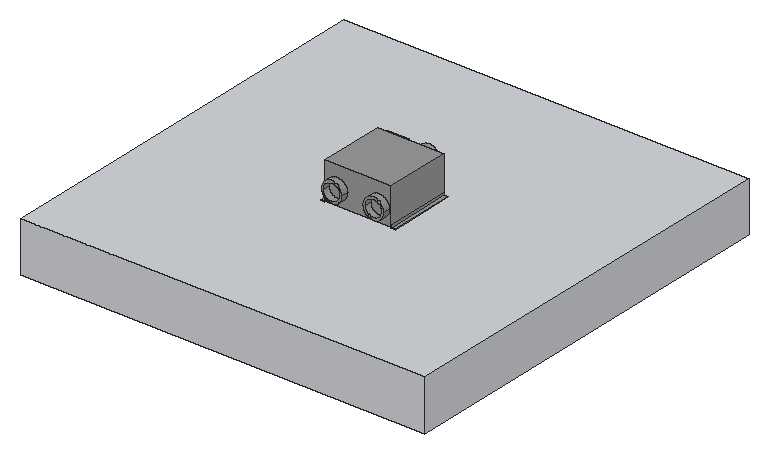
Revit family "Recuperador_Calor_BAXI_SILA_RCT-MINI", category Equipos mecánicos, Revit 2022
Family settings
  Anfitrión = Cara
  Cota de conector redondo = Diámetro de uso
  Tipo de pieza = Normal
  Número OmniClass = 23.75.70.00
  Título OmniClass = HVAC Distribution Devices
  Corte con vacíos al cargar = No
  Mantener orientación de anotación = No
  Compartido = No
  Punto de cálculo de habitación = No
Parameters (values of type "SILA RCT MINI")
  Youtube clip = ""
  Weight Net (Kg) = 0
  Voltage (V) = 230 V
  Uniclass 2.0 Description = ""
  Uniclass 2.0 Code = ""
  Uniclass 1.4 Description = ""
  Uniclass 1.4 Code = ""
  UNSPSC Code = ""
  Typology of heating recovery system HRS = "Heat recovery"
  Thermal efficiency of heating recovery [%] = "87.7"
  Technical description = ""
  Stale air outlet to outside = "Stale air outlet to outside"  # constant formula
  Stale air intake from room = "Stale air intake from room"  # constant formula
  Sound Power level LWA ( at reference flow rate)  [dB(A)] = "42"
  SPI  (specific power input)  [W/(m3/h] = "0.5"
  Reference flow rate = 72.0 m³/h
  QR code = ""
  Product group = ""
  Product family = ""
  Product certification = ""
  Product SKU = ""
  Product Guid = ""
  Power consumption of motorfans at Qmax = 79 W
  Power Factor = 0
  Position and description of visual filter warning = "N.A."
  Outlet to room flow = 0.0 m³/h
  Outlet to room connexion diameter = 125 mm
  Outlet to outside flow = 0.0 m³/h
  Outlet to outside connexion diameter = 125 mm
  OmniClass Description = ""
  OmniClass Code = ""
  Number of Poles = 1
  Nominal width = 0
  Nominal height = 0
  NBS Reference Description = ""
  NBS Reference Code = ""
  Modelo = "SILA RCT MINI"  # constant formula
  Mixing rate = "N.A."
  Maximum internal leakage rates (only for bidir.units) [%] = "5"
  Maximum external  leakage rates [%] = "5"
  Max flow rate   (Qmax) = 103.0 m³/h
  Material secondary = ""
  Material main = ""
  Manufacturer name = ""
  Manufacturer country = ""
  Fabricante = "BAXI"  # constant formula
  Main Material = Metal BAXI
  Intake from room flow = 0.0 m³/h
  Intake from room connexion diameter = 125 mm
  Intake from outside flow = 0.0 m³/h
  Intake from outside connexion diameter = 125 mm
  Installation instructions = ""
  Indoor/outdoor air tightness [m3/h] = "N.A."
  IFC Classification = ""
  Fresh air intake from outside = "Fresh air intake from outside"  # constant formula
  Frequency (Hz) = 50 Hz
  Energy specific consumption  SEC  - (warm)   [kWh/m²a] = "-14"
  Energy specific consumption  SEC  - (cold)   [kWh/m²a] = "-78"
  Energy specific consumption  SEC  - (average)   [kWh/m²a] = "-39"
  Energy classification = "A"
  Edition number = 0
  EAN code = ""
  Drive type  (VM - VSD - N/A) = "VM"
  Difference of reference pressure = 50.0 Pa
  Design country = ""
  Default Elevation = 1219.2 mm
  Declared ventilation type = "UVR-B"
  Date of publishing = ""
  Control typology = "Local."
  Control factor CTRL = "0.65"
  Connector description = "Power supply"
  Clean air outlet inside the room = "Clean air outlet inside the room"  # constant formula
  Apparent Load = 0 VA
  Annual electricity consumption (AEC) [kWh electricity/y] = "310"
  Airflow sensitivity to pressure variations at  ± 20 Pa = "N.A."
  Absorbed Power max (W) = 79 W
  Absorbed Current max (A) = 0.37 A
  AHS(warm)    Annual heating saved  [kWh primary energy/a] = "2101"
  AHS(cold)   Annual heating saved  [kWh primary energy/a] = "9088"
  AHS(average) Annual heating saved  [kWh primary energy/a] = "4646"
Reference planes
  plane 1 "Center (Front/Back)": y = 0
  plane 2: z = 0
  plane 3 "Center (Left/Right)": x = 0
Forms (mm)
  Extrusion 1, solid
    sketch origin (0, 0, 0) x (1, 0, 0) y (0, 1, 0)
      loop
        line (-1219.2, 1219.2) -> (-1219.2, -1219.2) -> (1219.2, -1219.2) -> (1219.2, 1219.2) -> (-1219.2, 1219.2)
    from 0 to -304.8
Dimensions and locks
  aligned and locked: plane 2 to Extrusion 1
  aligned and locked: level to Extrusion 1
  aligned and locked: plane 3 "Center (Left/Right)" to nested 1
  aligned and locked: level to nested 1
  aligned and locked: plane 1 "Center (Front/Back)" to nested 1
Nested families
  nested 1: "BAXI_SILA_MINI_geometry" at (0, -238, 112) x (1, 0, 0) z (0, 1, 0), type "BAXI_SILA_MINI_geometry"
Connectors
  hvac at (126, -238, 95), driven by "Stale air intake from room", driven by "Intake from room flow"
    settings: on nested 1, index 2, duct flow 0.0 m³/h, flow factor 0, pres drop 0.0 Pa, loss coef 0, conn angle 0.00°, conn width 304.8 mm, conn height 304.8 mm, conn diameter 125 mm, duct sys type 1, conn prof type 0, flow config 0, flow direction 1, loss method 0, conn ref index -1, conn util no, is conn primary yes, conn desc "Stale air intake from room"
  hvac at (126, -238, 95), driven by "Outlet to room connexion diameter", driven by "Clean air outlet inside the room", driven by "Outlet to room flow"
    settings: on nested 1, index 3, duct flow 0.0 m³/h, flow factor 0, pres drop 0.0 Pa, loss coef 0, conn angle 0.00°, conn width 304.8 mm, conn height 304.8 mm, conn diameter 125 mm, duct sys type 3, conn prof type 0, flow config 0, flow direction 2, loss method 0, conn ref index 9, conn util no, is conn primary no, conn desc "Clean air outlet inside the room"
  electrical at (-95, 223, 189), driven by "Voltage (V)", driven by "Connector description", driven by "Number of Poles", driven by "Apparent Load", driven by "Power Factor"
    settings: on nested 1, index 6, voltage 230 V, apparent load 0 VA, apparent load phase1 0 VA, apparent load phase2 0 VA, apparent load phase3 0 VA, power factor 0, load classification "Other", number of poles 1, system type 30, power factor state 1, is connector primary yes, connector utility no, sub classification motor no, connector description "Power supply"
  hvac at (-126, -238, 95), driven by "Intake from room connexion diameter", driven by "Intake from room flow", driven by "Stale air intake from room"
    settings: on nested 1, index 7, duct flow 0.0 m³/h, flow factor 0, pres drop 0.0 Pa, loss coef 0, conn angle 0.00°, conn width 304.8 mm, conn height 304.8 mm, conn diameter 125 mm, duct sys type 1, conn prof type 0, flow config 0, flow direction 1, loss method 0, conn ref index 8, conn util no, is conn primary no, conn desc "Stale air intake from room"
  hvac at (80, 238, 157), driven by "Outlet to outside connexion diameter", driven by "Outlet to outside flow", driven by "Stale air outlet to outside"
    settings: on nested 1, index 8, duct flow 0.0 m³/h, flow factor 0, pres drop 0.0 Pa, loss coef 0, conn angle 0.00°, conn width 304.8 mm, conn height 304.8 mm, conn diameter 125 mm, duct sys type 3, conn prof type 0, flow config 0, flow direction 2, loss method 0, conn ref index 7, conn util no, is conn primary no, conn desc "Stale air outlet to outside"
  hvac at (-80, 238, 73), driven by "Intake from outside connexion diameter", driven by "Fresh air intake from outside", driven by "Intake from outside flow"
    settings: on nested 1, index 9, duct flow 0.0 m³/h, flow factor 0, pres drop 0.0 Pa, loss coef 0, conn angle 0.00°, conn width 304.8 mm, conn height 304.8 mm, conn diameter 125 mm, duct sys type 1, conn prof type 0, flow config 0, flow direction 1, loss method 0, conn ref index 3, conn util no, is conn primary no, conn desc "Fresh air intake from outside"
Definition of nested family "BAXI_SILA_MINI_geometry"
  Parameters (values of type "Vort_SILA_MINI_geometry")
    Main material 1 = none
    Default Elevation = 1219.2 mm
  Reference planes
    plane 1 "Center (Front/Back)": y = 0
    plane 2: z = 0
    plane 3 "Center (Left/Right)": x = 0
    plane 4: y = -112
    plane 5: y = 112
    plane 6: z = 476
    plane 7: z = 238
  Forms (mm)
    Extrusion 1, solid, material <- "Main material 1", detail levels medium+fine
      sketch origin (0, 0, 0) x (1, 0, 0) y (0, 1, 0)
        loop
          line (-200, 105) -> (-200, -112) -> (200, -112) -> (200, 105) -> (-200, 105)
      from 436 to 40
    Extrusion 2, solid, material <- "Main material 1", detail levels medium+fine
      sketch origin (0, 0, 0) x (1, 0, 0) y (0, 1, 0)
        loop
          circle (126, 17) r 62.5
        loop
          circle (126, 17) r 50
        loop
          circle (-126, 17) r 50
        loop
          circle (-126, 17) r 62.5
      from 0 to 40
    Extrusion 3, solid, material <- "Main material 1", detail levels coarse
      sketch origin (0, 0, 0) x (1, 0, 0) y (0, 1, 0)
        loop
          line (225, 112) -> (-225, 112) -> (-225, -112) -> (225, -112) -> (225, 112)
      from 0 to 476
    Extrusion 4, solid, material <- "Main material 1", detail levels medium+fine
      sketch origin (0, 0, 0) x (1, 0, 0) y (0, 1, 0)
        loop
          line (-225, 110) -> (-202, 110) -> (-202, 98) -> (-200, 98) -> (-200, 112) -> (-225, 112) -> (-225, 110)
        loop
          line (225, 110) -> (225, 112) -> (200, 112) -> (200, 98) -> (202, 98) -> (202, 110) -> (225, 110)
      from 40 to 436
    Extrusion 5, solid, material <- "Main material 1", detail levels medium+fine
      sketch origin (0, 0, 0) x (1, 0, 0) y (0, 1, 0)
        loop
          circle (-80, 39) r 50
        loop
          circle (-80, 39) r 62.5
        loop
          circle (80, -45) r 62.5
        loop
          circle (80, -45) r 50
      from 436 to 476
    Extrusion 6, solid, material <- "Main material 1", detail levels fine
      sketch origin (0, 0, 0) x (1, 0, 0) y (0, 1, 0)
        loop
          line (-157.5, -52) -> (-157.5, -102) -> (-32.5, -102) -> (-32.5, -52) -> (-157.5, -52)
      from 436 to 461
  Cuts and joins
    joined: Extrusion 1, Extrusion 2
  Lines and regions (mm)
    Masking region 1, detail levels medium+fine
      outline origin (0, 0, 0) x (1, 0, 0) y (0, 1, 0)
        loop
          line (-200, 105) -> (-200, -112) -> (200, -112) -> (200, 105) -> (-200, 105)
    Masking region 2, detail levels medium+fine
      outline origin (0, 0, 0) x (1, 0, 0) y (0, 1, 0)
        loop
          line (-225, 110) -> (-202, 110) -> (-202, 98) -> (-200, 98) -> (-200, 112) -> (-225, 112) -> (-225, 110)
        loop
          line (202, 110) -> (225, 110) -> (225, 112) -> (200, 112) -> (200, 98) -> (202, 98) -> (202, 110)
    Masking region 3
      outline origin (0, 0, 0) x (0, 1, 0) y (0, 0, 1)
        loop
          line (112, 436) -> (-112, 436) -> (-112, 40) -> (112, 40) -> (112, 436)
    Masking region 4, detail levels medium+fine
      outline origin (0, 0, 0) x (0, 1, 0) y (0, 0, 1)
        loop
          line (101.5, 436) -> (101.5, 476) -> (5, 476) -> (5, 436) -> (101.5, 436)
        loop
          line (79.5, 0) -> (79.5, 40) -> (-45.5, 40) -> (-45.5, 0) -> (79.5, 0)
        loop
          line (-11, 436) -> (-11, 476) -> (-107.5, 476) -> (-107.5, 436) -> (-11, 436)
    Masking region 5
      outline origin (0, 0, 0) x (1, 0, 0) y (0, 0, 1)
        loop
          line (-225, 436) -> (-225, 40) -> (225, 40) -> (225, 436) -> (-225, 436)
    Masking region 6, detail levels medium+fine
      outline origin (0, 0, 0) x (1, 0, 0) y (0, 0, 1)
        loop
          line (-142.5, 476) -> (-142.5, 436) -> (-17.5, 436) -> (-17.5, 476) -> (-142.5, 476)
        loop
          line (17.5, 476) -> (17.5, 436) -> (142.5, 436) -> (142.5, 476) -> (17.5, 476)
        loop
          line (-188.5, 40) -> (-188.5, 0) -> (-63.5, 0) -> (-63.5, 40) -> (-188.5, 40)
        loop
          line (63.5, 40) -> (63.5, 0) -> (188.5, 0) -> (188.5, 40) -> (63.5, 40)
        loop
          line (-225, 40) -> (-200, 40) -> (-200, 436) -> (-225, 436) -> (-225, 40)
        loop
          line (200, 40) -> (225, 40) -> (225, 436) -> (200, 436) -> (200, 40)
    Masking region 7, detail levels coarse
      outline origin (0, 0, 0) x (1, 0, 0) y (0, 1, 0)
        loop
          line (225, 112) -> (-225, 112) -> (-225, -112) -> (225, -112) -> (225, 112)
    Masking region 8, detail levels fine
      outline origin (0, 0, 0) x (1, 0, 0) y (0, 1, 0)
        loop
          line (-32.5, -52) -> (-157.5, -52) -> (-157.5, -102) -> (-32.5, -102) -> (-32.5, -52)
    Masking region 9, detail levels fine
      outline origin (0, 0, 0) x (0, 1, 0) y (0, 0, 1)
        loop
          line (-102, 461) -> (-102, 436) -> (-52, 436) -> (-52, 461) -> (-102, 461)
        loop
          line (98, 40) -> (110, 40) -> (110, 436) -> (98, 436) -> (98, 40)
    Masking region 10
      outline origin (0, 0, 0) x (1, 0, 0) y (0, 1, 0)
        loop
          circle (80, -45) r 62.5
        loop
          circle (-80, 39) r 62.5
    symbolic lines, detail levels coarse
      curve 1: line (-80, 0, 476) -> (-80, 0, 436)
      curve 2: line (80, 0, 476) -> (80, 0, 436)
      curve 3: line (126, 0, 40) -> (126, 0, 0)
      curve 4: line (-126, 0, 40) -> (-126, 0, 0)
      curve 5: line (0, 17, 0) -> (0, 17, 40)
      curve 6: line (0, 53.25, 436) -> (0, 53.25, 476)
      curve 7: line (0, -59.252, 436) -> (0, -59.252, 476)
  Dimensions and locks
    aligned and locked: level to plane 2
